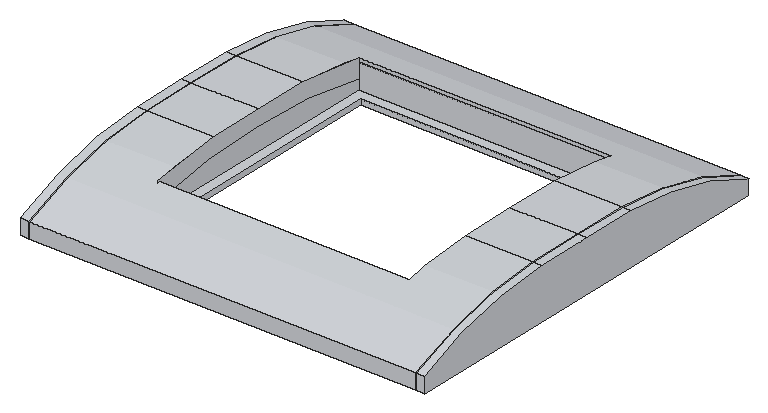
Revit family "Gira_100250", category Electrical Fixtures, host Face, Revit 2017
Family settings
  Host = Face
  Maintain Annotation Orientation = No
  Round Connector Dimension = Use Diameter
  Part Type = Normal
  Cut with Voids When Loaded = No
  Shared = No
  Room Calculation Point = No
Parameters (values of type "Cov.fr. 2-g w/o cb interm.fr. C Alu Gira Event Opaque white")
  With mounting grid = "No"
  With hinged lid = "No"
  URL = "http://katalog.gira.de/en/datenblatt.html?artikelnr=100250"
  Type of fastening = "Clamp mounting"
  Transparent = "No"
  Surface protection = "Other"
  Suitable for wall duct = "No"
  Suitable for flush-mounted installation = "Yes"
  Suitable for floor box = "No"
  Suitable for built-in installation = "No"
  Number of units vertical = "2"
  Number of units horizontal = "2"
  Number of units = "2"
  Name = "Cov.fr. 2-g w/o cb interm.fr. C Alu Gira Event Opaque white"
  Mounting direction = "Horizontal and vertical"
  Material quality = "Thermoplastic"
  Material = "Plastic"
  Manufacturer URL = "https://www.gira.de/"
  Manufacturer = "Gira"
  Label space/information surface = "No"
  Keynote = ""
  HeinzeBIM = "https://bimportal.heinze.de/bim/cov-fr-2-g-w-o-cb-interm-fr-c-alu-gira-event-opaque-white/a591dd5f7c1b7eb374890e344d5f10da6d4b65a0"
  Halogen free = "Yes"
  HAN = "100250"
  GTIN = "4010337002505"
  Description = "Cov.fr.2g w o cb i.fr.CAI EvOp WH,Gira Event Opaque frames,white with colour aluminium intermediate frame,2-gang without crossbar,Features:,- Shatter-proof."
  Degree of protection (IP) = "IP20"
  Default Elevation = 1219.2 mm
  Data sheet (1) = "https://katalog.gira.de/en/download.html?artikelnr=100250"
  Colour = "White"
  Category = "Cover frame for domestic switching devices"
  BIM (1) = "https://media.stage.bim.site/public/gira/36a6b08/Event_Rahmen_2fach o.Mittelsteg.rfa?public/gira/36a6b08/Event_Rahmen_2fach o.Mittelsteg.rfa"
  Available = "No"
Reference planes
  plane 1 "Center (Front/Back)": y = 0
  plane 2: z = 0
  plane 3 "Center (Left/Right)": x = 0
Forms (mm)
  Extrusion 1, solid, detail levels fine
    sketch origin (0, 0, 1.55) x (0, 1, 0) y (0, 0, 1)
      loop
        arc (12.445, 9.683) -> (6.223, 9.833) -> (0, 9.85) r 291.636
        arc (0, 9.85) -> (-6.223, 9.833) -> (-12.445, 9.683) r 291.636
        arc (-12.445, 9.683) -> (-29.14, 7.482) -> (-45, 1.823) r 79.728
        line (-45, 1.823) -> (-45, -1.55) -> (-41.777, -1.55) -> (-41.777, -0.55)
        arc (-41.777, -0.55) -> (-21.205, 4.846) -> (0, 6.467) r 118.15
        arc (0, 6.467) -> (21.205, 4.846) -> (41.777, -0.55) r 118.15
        line (41.777, -0.55) -> (41.777, -1.55) -> (45, -1.55) -> (45, 1.823)
        arc (45, 1.823) -> (29.14, 7.482) -> (12.445, 9.683) r 79.728
    from -43 to 43
  Extrusion 2, void, detail levels fine
    sketch origin (0, 0, 0) x (1, 0, 0) y (0, 1, 0)
      loop
        line (-28, -28) -> (28, -28) -> (28, 28) -> (-28, 28) -> (-28, -28)
    from 2.85 to 12
  Extrusion 3, solid, detail levels coarse
    sketch origin (0, 0, 0) x (1, 0, 0) y (0, 1, 0)
      loop
        line (-45, 45) -> (-45, -45) -> (45, -45) -> (45, 45) -> (-45, 45)
    from 0 to 11.4
  Extrusion 4, solid, detail levels medium
    sketch origin (0, 0, 1.55) x (0, 1, 0) y (0, 0, 1)
      loop
        arc (12.445, 9.683) -> (6.223, 9.833) -> (0, 9.85) r 291.636
        arc (0, 9.85) -> (-6.223, 9.833) -> (-12.445, 9.683) r 291.636
        arc (-12.445, 9.683) -> (-29.14, 7.482) -> (-45, 1.823) r 79.728
        line (-45, 1.823) -> (-45, -1.55) -> (45, -1.55) -> (45, 1.823)
        arc (45, 1.823) -> (29.14, 7.482) -> (12.445, 9.683) r 79.728
    from -45 to 45
  Extrusion 5, solid, detail levels fine
    sketch origin (0, 0, 0) x (0, 1, 0) y (0, 0, 1)
      loop
        arc (45, 3.373) -> (29.14, 9.032) -> (12.445, 11.233) r 79.728
        arc (12.445, 11.233) -> (6.223, 11.383) -> (0, 11.4) r 291.636
        arc (0, 11.4) -> (-6.223, 11.383) -> (-12.445, 11.233) r 291.636
        arc (-12.445, 11.233) -> (-29.14, 9.032) -> (-45, 3.373) r 79.728
        line (-45, 3.373) -> (-45, 0) -> (45, 0) -> (45, 3.373)
    from 43 to 45
  Extrusion 6, solid, detail levels fine
    sketch origin (0, 0, 0) x (0, 1, 0) y (0, 0, -1)
      loop
        line (45, -3.373) -> (45, 0) -> (-45, 0) -> (-45, -3.373)
        arc (-45, -3.373) -> (-29.14, -9.032) -> (-12.445, -11.233) r 79.728
        arc (-12.445, -11.233) -> (-6.223, -11.383) -> (0, -11.4) r 291.636
        arc (0, -11.4) -> (6.223, -11.383) -> (12.445, -11.233) r 291.636
        arc (12.445, -11.233) -> (29.14, -9.032) -> (45, -3.373) r 79.728
    from 43 to 45
  Extrusion 7, solid, detail levels fine
    sketch origin (0, 0, 0) x (1, 0, 0) y (0, 1, 0)
      loop
        line (-25.7, 25.7) -> (-25.7, -25.7) -> (25.7, -25.7) -> (25.7, 25.7) -> (-25.7, 25.7)
      loop
        line (-29.495, 27.895) -> (-29.495, -27.895)
        spline (-29.495, -27.895) -> (-29.486, -28.025) -> (-29.461, -28.154) -> (-29.419, -28.278) -> (-29.361, -28.395) -> (-29.288, -28.504) -> (-29.202, -28.602) -> (-29.104, -28.688) -> (-28.995, -28.761) -> (-28.878, -28.819) -> (-28.754, -28.861) -> (-28.625, -28.886) -> (-28.495, -28.895)
        line (-28.495, -28.895) -> (28.495, -28.895)
        spline (28.495, -28.895) -> (28.625, -28.886) -> (28.754, -28.861) -> (28.878, -28.819) -> (28.995, -28.761) -> (29.104, -28.688) -> (29.202, -28.602) -> (29.288, -28.504) -> (29.361, -28.395) -> (29.419, -28.278) -> (29.461, -28.154) -> (29.486, -28.025) -> (29.495, -27.895)
        line (29.495, -27.895) -> (29.495, 27.895)
        spline (29.495, 27.895) -> (29.486, 28.025) -> (29.461, 28.154) -> (29.419, 28.278) -> (29.361, 28.395) -> (29.288, 28.504) -> (29.202, 28.602) -> (29.104, 28.688) -> (28.995, 28.761) -> (28.878, 28.819) -> (28.754, 28.861) -> (28.625, 28.886) -> (28.495, 28.895)
        line (28.495, 28.895) -> (-28.495, 28.895)
        spline (-28.495, 28.895) -> (-28.625, 28.886) -> (-28.754, 28.861) -> (-28.878, 28.819) -> (-28.995, 28.761) -> (-29.104, 28.688) -> (-29.202, 28.602) -> (-29.288, 28.504) -> (-29.361, 28.395) -> (-29.419, 28.278) -> (-29.461, 28.154) -> (-29.486, 28.025) -> (-29.495, 27.895)
    from 1.673 to 8.5
Cuts and joins
  Extrusion 2 cuts Extrusion 1
  Extrusion 2 cuts Extrusion 7
Dimensions and locks
  aligned and locked: plane 2 to host face
  aligned and locked: level to host face
